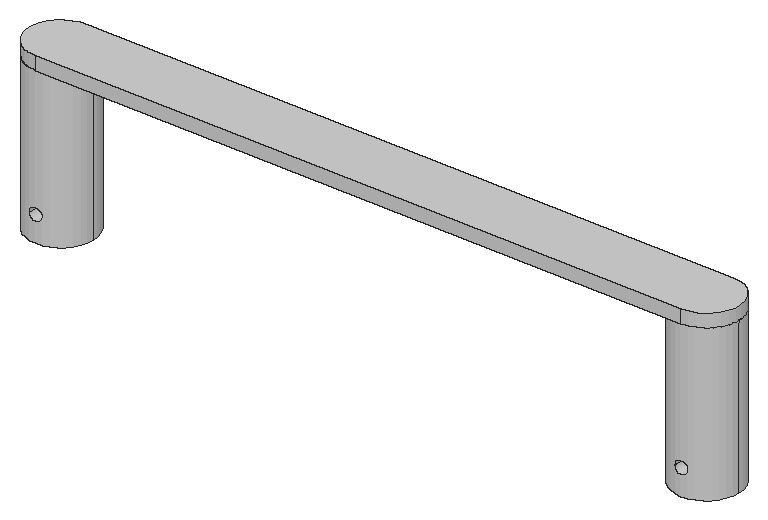
Revit family "Urbane II Hand Towel Rail", category Specialty Equipment, host Face, Revit 2019
Family settings
  Host = Face
  Round Connector Dimension = Use Radius
  Part Type = Normal
  OmniClass Number = 23.40.20.21.27
  OmniClass Title = Towel Bars
  Cut with Voids When Loaded = No
  Shared = No
  Room Calculation Point = No
Parameters (values of type "Urbane II Hand Towel Rail - Chrome")
  URL = "https://www.caroma.com.au/"
  RailWidth = 250 mm
  Model = "99618C"
  Material_Base = GWA_Metal-Chrome
  Manufacturer = "GWA Bathrooms & Kitchens"  # constant formula
  Description = "Urbane II Hand Towel Rail - Chrome"
  Default Elevation = 1000 mm
  CreatedBy_ANZRS = "GWA Bathrooms & Kitchens"  # constant formula
  Assembly Code = "C1030220"
Types (6, lengths in mm): name | Model | Material_Base | Description
  (no name) | "99618C" | GWA_Metal-Chrome | "Urbane II Hand Towel Rail - Chrome"
  Urbane II Hand Towel Rail - Chrome | "99618C" | GWA_Metal-Chrome | "Urbane II Hand Towel Rail - Chrome"
  Urbane II Hand Towel Rail - Matte Black | "99618B" | GWA-Metal-Black | "Urbane II Hand Towel Rail - Matte Black"
  Urbane II Hand Towel Rail  - Brushed Brass | "99618BR" | GWA_Metal-Brushed-Brass | "Urbane II Hand Towel Rail  - Brushed Brass"
  Urbane II Hand Towel Rail - Gunmetal | "99618GM" | GWA-Metal-Gunmetal Grey | "Urbane II Hand Towel Rail - Gunmetal"
  Urbane II Hand Towel Rail - Brushed Nickel | "99618BN" | GWA_Metal-Brushed-Nickel | "Urbane II Hand Towel Rail - Brushed Nickel"
Reference planes
  plane 1 "Center (Front/Back)": y = 0
  plane 2: z = 0
  plane 3 "Center (Left/Right)": x = 0
  plane 4 "LeftSupport": x = -125
  plane 5 "RightSupport": x = 125
  plane 6 "Rail": z = 60
Forms (mm)
  Extrusion 1, solid, material "GWA_Metal-Chrome" <- "Material_Base"
    sketch origin (0, 0, 0) x (1, 0, 0) y (0, 1, 0)
      loop
        circle (-125, 0) r 12.5
    from 0 to 60
  Extrusion 2, solid, material "GWA_Metal-Chrome" <- "Material_Base"
    sketch origin (0, 0, 0) x (1, 0, 0) y (0, 1, 0)
      loop
        circle (125, 0) r 12.5
    from 0 to 60
  Extrusion 3, solid, material "GWA_Metal-Chrome" <- "Material_Base"
    sketch origin (0, 0, 60) x (-1, 0, 0) y (0, -1, 0)
      loop
        arc (125, -12.5) -> (137.5, 0) -> (125, 12.5) r 12.5
        line (125, 12.5) -> (-125, 12.5)
        arc (-125, 12.5) -> (-137.5, 0) -> (-125, -12.5) r 12.5
        line (-125, -12.5) -> (125, -12.5)
    from 0 to 5
  Extrusion 4, void
    sketch origin (0, 0, 0) x (1, 0, 0) y (0, 0, 1)
      loop
        circle (-125, 10) r 2.5
    from 0 to 30
  Extrusion 5, void
    sketch origin (0, 0, 0) x (-1, 0, 0) y (0, 0, -1)
      loop
        circle (-125, -10) r 2.5
    from 0 to 30
Cuts and joins
  Extrusion 4, Extrusion 5 cuts Extrusion 1
  Extrusion 5 cuts Extrusion 2
  joined: Extrusion 1, Extrusion 2
  Extrusion 5 cuts Extrusion 3
Lines and regions (mm)
  Masking region 1
    outline origin (0, 0, 60) x (-1, 0, 0) y (0, -1, 0)
      loop
        line (-125, -12.5) -> (125, -12.5)
        arc (125, -12.5) -> (137.5, 0) -> (125, 12.5) r 12.5
        line (125, 12.5) -> (-125, 12.5)
        arc (-125, 12.5) -> (-137.5, 0) -> (-125, -12.5) r 12.5
  Masking region 2
    outline origin (125, 0, 0) x (0, 1, 0) y (0, 0, 1)
      loop
        line (-12.5, 65) -> (-12.5, 0) -> (12.5, 0) -> (12.5, 65) -> (-12.5, 65)
  Masking region 3
    outline origin (0, 0, 0) x (1, 0, 0) y (0, 0, 1)
      loop
        line (-137.5, 65) -> (-137.5, 0) -> (-112.5, 0) -> (-112.5, 60) -> (112.5, 60) -> (112.5, 0) -> (137.5, 0) -> (137.5, 65) -> (-137.5, 65)
  symbolic lines
    curve 1: arc (-125, 12.5, 60) -> (-137.5, 0, 60) -> (-125, -12.5, 60) r 12.5
    curve 2: line (125, 12.5, 60) -> (-125, 12.5, 60)
    curve 3: line (125, -12.5, 60) -> (-125, -12.5, 60)
    curve 4: arc (125, -12.5, 60) -> (137.5, 0, 60) -> (125, 12.5, 60) r 12.5
    curve 5: line (137.5, 0, 60) -> (137.5, 0, 0)
    curve 6: line (137.5, 0, 0) -> (112.5, 0, 0)
    curve 7: line (112.5, 0, 0) -> (112.5, 0, 60)
    curve 8: line (137.5, 0, 65) -> (-137.5, 0, 65)
    curve 9: line (137.5, 0, 60) -> (137.5, 0, 65)
    curve 10: line (-137.5, 0, 60) -> (137.5, 0, 60)
    curve 11: line (-137.5, 0, 65) -> (-137.5, 0, 60)
    curve 12: line (-137.5, 0, 60) -> (-137.5, 0, 0)
    curve 13: line (-112.5, 0, 0) -> (-112.5, 0, 60)
    curve 14: line (-137.5, 0, 0) -> (-112.5, 0, 0)
    curve 15: line (125, -12.5, 65) -> (125, 12.5, 65)
    curve 16: line (125, -12.5, 60) -> (125, -12.5, 65)
    curve 17: line (125, 12.5, 60) -> (125, -12.5, 60)
    curve 18: line (125, 12.5, 65) -> (125, 12.5, 60)
    curve 19: line (125, -12.5, 0) -> (125, -12.5, 60)
    curve 20: line (125, 12.5, 0) -> (125, -12.5, 0)
    curve 21: line (125, 12.5, 60) -> (125, 12.5, 0)
Dimensions and locks
  "RailWidth": plane 4 "LeftSupport" to plane 5 "RightSupport"
  equal spacing: plane 4 "LeftSupport", plane 3 "Center (Left/Right)", plane 5 "RightSupport"
  aligned and locked: plane 2 to host face
  aligned and locked: level to host face
Automatic sketch dimensions
  host sketch curve to host sketch curve = 2438.4 mm  (x2)
  plane 1 "Center (Front/Back)" to Extrusion 1 sketch curve = 0 mm
  Extrusion 1 sketch curve to plane 4 "LeftSupport" = 0 mm
  plane 1 "Center (Front/Back)" to Extrusion 2 sketch curve = 0 mm
  Extrusion 2 sketch curve to plane 5 "RightSupport" = 0 mm
  Extrusion 3 sketch curve to plane 5 "RightSupport" = 0 mm
  Extrusion 3 sketch curve to plane 4 "LeftSupport" = 0 mm
  plane 1 "Center (Front/Back)" to Extrusion 3 sketch curve = 0 mm
  Extrusion 3 sketch curve to plane 1 "Center (Front/Back)" = 12.5 mm
  Extrusion 4 sketch curve to plane 4 "LeftSupport" = 0 mm
  level to Extrusion 4 sketch curve = 10 mm
  Extrusion 5 sketch curve to plane 5 "RightSupport" = 0 mm
  Extrusion 5 sketch curve to level = 10 mm
  curve 1 to plane 4 "LeftSupport" = 0 mm
  plane 1 "Center (Front/Back)" to curve 4 = 12.5 mm
  curve 3 to plane 5 "RightSupport" = 0 mm
  plane 1 "Center (Front/Back)" to curve 4 = 0 mm
  Masking region 1 sketch curve to plane 5 "RightSupport" = 0 mm
  Masking region 1 sketch curve to plane 4 "LeftSupport" = 0 mm
  plane 1 "Center (Front/Back)" to Masking region 1 sketch curve = 0 mm
  Masking region 1 sketch curve to Masking region 1 sketch curve = 12.5 mm
  curve 11 to plane 6 "Rail" = 0 mm
  curve 14 to level = 0 mm
  curve 7 to level = 0 mm
  plane 6 "Rail" to curve 11 = 5 mm
  curve 11 to plane 4 "LeftSupport" = 12.5 mm
  plane 4 "LeftSupport" to curve 13 = 12.5 mm
  curve 7 to plane 5 "RightSupport" = 12.5 mm
  plane 5 "RightSupport" to curve 9 = 12.5 mm
  curve 13 to curve 13 = 60 mm
  curve 20 to level = 0 mm
  curve 19 to plane 6 "Rail" = 0 mm
  plane 6 "Rail" to curve 15 = 5 mm
  plane 1 "Center (Front/Back)" to curve 15 = 12.5 mm
  curve 17 to plane 1 "Center (Front/Back)" = 12.5 mm
  Masking region 2 sketch curve to level = 0 mm
  plane 1 "Center (Front/Back)" to Masking region 2 sketch curve = 12.5 mm
  Masking region 2 sketch curve to plane 1 "Center (Front/Back)" = 12.5 mm
  plane 6 "Rail" to Masking region 2 sketch curve = 5 mm
  curve 7 to plane 6 "Rail" = 0 mm
  Masking region 3 sketch curve to level = 0 mm  (x2)
  Masking region 3 sketch curve to plane 6 "Rail" = 0 mm
  plane 6 "Rail" to Masking region 3 sketch curve = 5 mm
  Masking region 3 sketch curve to plane 4 "LeftSupport" = 12.5 mm
  plane 4 "LeftSupport" to Masking region 3 sketch curve = 12.5 mm
  Masking region 3 sketch curve to plane 5 "RightSupport" = 12.5 mm
  plane 5 "RightSupport" to Masking region 3 sketch curve = 12.5 mm
  radius of Extrusion 1 sketch curve = 12.5 mm
  radius of Extrusion 2 sketch curve = 12.5 mm
  radius of Extrusion 4 sketch curve = 2.5 mm
  radius of Extrusion 5 sketch curve = 2.5 mm
